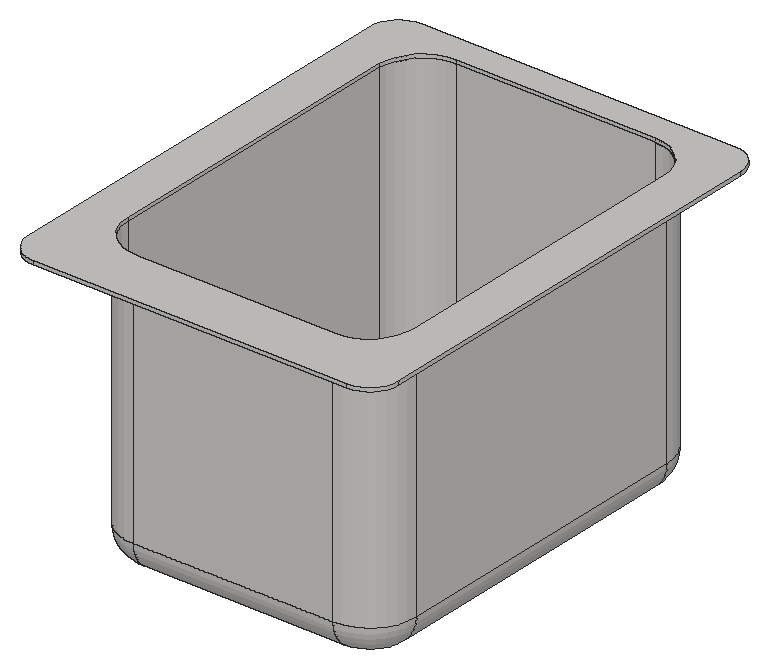
Revit family "QF_Vollrath_101-1-2", category Specialty Equipment, Revit 2016
Family settings
  Part Type = Normal
  Round Connector Dimension = Use Diameter
  OmniClass Number = 23.40.40.14.31
  OmniClass Title = Cleaning and Disposal Equipment
  Work Plane-Based = Yes
  Always vertical = Yes
  Cut with Voids When Loaded = No
  Shared = No
  Room Calculation Point = No
Parameters
  Width = 1' - 1"
  Weight in Pounds = 0
  Watermarked By = "http://revitwatermark.com"
  URL Cutsheet = ""
  Status [instance] = ""
  Specification by User [instance] = ""
  Specification by Manufacturer [instance] = ""
  Sink Width = 0' - 10"
  Sink Depth = 1' - 2"
  Sink Basin Depth = 0' - 10"
  Serial Number [instance] = ""
  Seismic Rating [instance] = ""
  SMACNA No [instance] = ""
  Revision Code [instance] = ""
  NAFEM Spec ID Number [instance] = ""
  Model = "101-1-2"
  Masterspec [instance] = ""
  Manufacturer = "Vollrath"
  Item Number [instance] = "-"
  Installed By [instance] = ""
  Indirect Waste Size = 2"
  Indirect Waste Flow [instance] = 0.00 GPM
  Indirect Waste Connection Type [instance] = ""
  Indirect Waste Connection Height [instance] = 0' - 0"
  Furnished By [instance] = ""
  Foodservice Equipment Identifier [instance] = yes
  Description = "Bar Sink"  # constant formula
  Depth = 1' - 5"
  Default Elevation = 4' - 0"
  CSI MasterFormat = ""
Reference planes (in)
  plane 1 "BACK": y = 0
  plane 2 "BOTTOM": z = 0
  plane 3 "LEFT": x = 0
  plane 4 "RIGHT": x = 13
  plane 5 "FRONT": y = -17
  plane 6: x = 6.5
  plane 7: y = -8
  plane 8: y = -1
  plane 9: y = -15
  plane 10: x = 1.5
  plane 11: x = 11.5
  plane 12 "Sink Bottom": z = -10
Forms (in)
  Sweep 1, solid, material "QF_Finishes_Stainless Steel"
    path origin (0, 0, 0) x (1, 0, 0) y (0, 1, 0)
      loop
        arc (3, -1) -> (1.93934, -1.43934) -> (1.5, -2.5) r 1.5
        line (1.5, -2.5) -> (1.5, -13.5)
        arc (1.5, -13.5) -> (1.93934, -14.56066) -> (3, -15) r 1.5
        line (3, -15) -> (10, -15)
        arc (10, -15) -> (11.06066, -14.56066) -> (11.5, -13.5) r 1.5
        line (11.5, -13.5) -> (11.5, -2.5)
        arc (11.5, -2.5) -> (11.06066, -1.43934) -> (10, -1) r 1.5
        line (10, -1) -> (3, -1)
    profile origin (6.5, -1, 0) x (0, 1, 0) y (0, 0, 1)
      loop
        line (0, 0) -> (0, -8.875)
        arc (0, -8.875) -> (-0.29289, -9.58211) -> (-1, -9.875) r 1
        line (-1, -9.875) -> (-1, -10)
        arc (-1, -10) -> (-0.2045, -9.6705) -> (0.125, -8.875) r 1.125
        line (0.125, -8.875) -> (0.125, 0) -> (0, 0)
  Extrusion 2, solid, material "QF_Finishes_Stainless Steel"
    sketch origin (0, 0, 0) x (1, 0, 0) y (0, 1, 0)
      loop
        arc (1.5, -13.5) -> (1.93934, -14.56066) -> (3, -15) r 1.5
        line (3, -15) -> (10, -15)
        arc (10, -15) -> (11.06066, -14.56066) -> (11.5, -13.5) r 1.5
        line (11.5, -13.5) -> (11.5, -2.5)
        arc (11.5, -2.5) -> (11.06066, -1.43934) -> (10, -1) r 1.5
        line (10, -1) -> (3, -1)
        arc (3, -1) -> (1.93934, -1.43934) -> (1.5, -2.5) r 1.5
        line (1.5, -2.5) -> (1.5, -13.5)
      loop
        line (1, -17) -> (12, -17)
        arc (12, -17) -> (12.70711, -16.70711) -> (13, -16) r 1
        line (13, -16) -> (13, -1)
        arc (13, -1) -> (12.70711, -0.29289) -> (12, 0) r 1
        line (12, 0) -> (1, 0)
        arc (1, 0) -> (0.29289, -0.29289) -> (0, -1) r 1
        line (0, -1) -> (0, -16)
        arc (0, -16) -> (0.29289, -16.70711) -> (1, -17) r 1
    from 0 to 0.125
  Extrusion 3, solid, material "QF_Finishes_Stainless Steel"
    sketch origin (0, 0, -10) x (-1, 0, 0) y (0, -1, 0)
      loop
        line (-10, 2) -> (-3, 2)
        arc (-3, 2) -> (-2.64645, 2.14645) -> (-2.5, 2.5) r 0.5
        line (-2.5, 2.5) -> (-2.5, 13.5)
        arc (-2.5, 13.5) -> (-2.64645, 13.85355) -> (-3, 14) r 0.5
        line (-3, 14) -> (-10, 14)
        arc (-10, 14) -> (-10.35355, 13.85355) -> (-10.5, 13.5) r 0.5
        line (-10.5, 13.5) -> (-10.5, 2.5)
        arc (-10.5, 2.5) -> (-10.35355, 2.14645) -> (-10, 2) r 0.5
      loop
        circle (-6.5, 8) r 1
    from 0 to 0.125
Lines and regions (in)
  symbolic lines
    curve 1: line (1, 0, -10) -> (12, 0, -10)
    curve 2: arc (1, 0, -10) -> (0.29289, -0.29289, -10) -> (0, -1, -10) r 1
    curve 3: line (0, -16, -10) -> (0, -1, -10)
    curve 4: arc (0, -16, -10) -> (0.29289, -16.70711, -10) -> (1, -17, -10) r 1
    curve 5: line (12, -17, -10) -> (1, -17, -10)
    curve 6: arc (12, -17, -10) -> (12.70711, -16.70711, -10) -> (13, -16, -10) r 1
    curve 7: line (13, -1, -10) -> (13, -16, -10)
    curve 8: arc (13, -1, -10) -> (12.70711, -0.29289, -10) -> (12, 0, -10) r 1
  symbolic lines, style "QF_Surface Details"
    curve 9: line (10, -1, -10) -> (3, -1, -10)
    curve 10: arc (1.5, -2.5, -10) -> (1.93934, -1.43934, -10) -> (3, -1, -10) r 1.5
    curve 11: line (1.5, -2.5, -10) -> (1.5, -13.5, -10)
    curve 12: arc (3, -15, -10) -> (1.93934, -14.56066, -10) -> (1.5, -13.5, -10) r 1.5
    curve 13: line (3, -15, -10) -> (10, -15, -10)
    curve 14: arc (11.5, -13.5, -10) -> (11.06066, -14.56066, -10) -> (10, -15, -10) r 1.5
    curve 15: line (11.5, -13.5, -10) -> (11.5, -2.5, -10)
    curve 16: arc (10, -1, -10) -> (11.06066, -1.43934, -10) -> (11.5, -2.5, -10) r 1.5
    curve 17: circle (6.5, -8, -10) r 1 normal (0, 0, -1)
Dimensions and locks (in)
  "Width": plane 3 "LEFT" to plane 4 "RIGHT"
  "Depth": plane 5 "FRONT" to plane 1 "BACK"
  "Sink Depth": plane 8 to plane 9
  equal spacing: plane 3 "LEFT", plane 6, plane 4 "RIGHT"
  equal spacing: plane 10, plane 6, plane 11
  "Sink Width": plane 10 to plane 11
  "Sink Basin Depth": level to plane 12 "Sink Bottom"
  level to Sweep 1 sketch curve = 0' - 0"
  locked: Sweep 1 sketch curve to plane 8 at 0.125
  locked: plane 12 "Sink Bottom" to Sweep 1 sketch curve at 0.125
  equal spacing: plane 8, plane 7, plane 9
  plane 1 "BACK" to plane 8 = 0' - 1"
  plane 9 to plane 5 "FRONT" = 0' - 2"
  plane 3 "LEFT" to plane 10 = 0' - 1 1/2"
  plane 11 to plane 4 "RIGHT" = 0' - 1 1/2"
  aligned and locked: level to plane 2 "BOTTOM"
  aligned and locked: Sweep 1 sketch curve to plane 8
  aligned and locked: plane 10 to Sweep 1 sketch curve
  aligned and locked: plane 9 to Sweep 1 sketch curve
  aligned and locked: Sweep 1 sketch curve to plane 11
  aligned and locked: plane 8 to Sweep 1 sketch curve
  aligned and locked: plane 12 "Sink Bottom" to Sweep 1 sketch curve
  aligned and locked: Extrusion 2 sketch curve to Sweep 1  (x4)
  aligned and locked: Extrusion 2 sketch curve to plane 3 "LEFT"
  aligned and locked: plane 5 "FRONT" to Extrusion 2 sketch curve
  aligned and locked: plane 4 "RIGHT" to Extrusion 2 sketch curve
  aligned and locked: Extrusion 2 sketch curve to plane 1 "BACK"
  aligned and locked: Extrusion 3 sketch curve to Sweep 1  (x4)
Automatic sketch dimensions
  plane 10 to Sweep 1 sketch curve = 0' - 1 1/2"  (x2)
  Sweep 1 sketch curve to plane 11 = 0' - 1 1/2"
  Sweep 1 sketch curve to plane 8 = 0' - 1 1/2"
  Sweep 1 sketch curve to Sweep 1 sketch curve = 0' - 1"
  Extrusion 3 sketch curve to plane 6 = 0' - 0"
  Extrusion 3 sketch curve to plane 7 = 0' - 0"
  Extrusion 3 sketch curve to Extrusion 3 sketch curve = 0' - 0 1/2"  (x4)
  Extrusion 2 sketch curve to plane 8 = 0' - 0"  (x2)
  Extrusion 2 sketch curve to plane 10 = 0' - 0 1/2"
  plane 10 to Extrusion 2 sketch curve = 0' - 1 1/2"
  Extrusion 2 sketch curve to plane 8 = 0' - 1 1/2"
  Extrusion 2 sketch curve to plane 11 = 0' - 1 1/2"
  Extrusion 2 sketch curve to Extrusion 2 sketch curve = 0' - 1 1/2"
  plane 11 to Extrusion 2 sketch curve = 0' - 0 1/2"
  curve 7 to plane 4 "RIGHT" = 0' - 0"
  curve 8 to plane 8 = 0' - 0"
  plane 1 "BACK" to curve 1 = 0' - 0"
  plane 5 "FRONT" to curve 5 = 0' - 0"
  curve 15 to plane 11 = 0' - 0"
  curve 16 to plane 8 = 0' - 0"
  curve 13 to plane 9 = 0' - 0"
  curve 17 to plane 6 = 0' - 0"
  curve 10 to plane 10 = 0' - 0"
  curve 2 to plane 8 = 0' - 0"
  curve 3 to plane 3 "LEFT" = 0' - 0"
  curve 17 to plane 7 = 0' - 0"
  plane 11 to curve 5 = 0' - 0 1/2"
  plane 9 to curve 14 = 0' - 1 1/2"
  curve 16 to plane 8 = 0' - 1 1/2"
  plane 10 to curve 9 = 0' - 1 1/2"
  plane 10 to curve 12 = 0' - 1 1/2"
  curve 5 to plane 10 = 0' - 0 1/2"
  radius of Extrusion 3 sketch curve = 0' - 1"
  radius of curve 17 = 0' - 1"
Connectors (in)
  piping at (6.5, -8, -10), diameter 2, driven by "Indirect Waste Flow"
    settings: on Extrusion 3, index 1, connector inside diameter 2", connector length 0' - 0", flow factor 0, pipe flow 0.00 GPM, pressure drop 0.00 psi, fitting loss kfactor 0, connector angle 0.00°, fixture units 0, engagement length 0' - 0", angle of deflection 0.00°, flow configuration 1, flow direction 2, fitting loss method 0, system type 16, joint type 0, gender type 0, connector reference index -1, connector utility 0, adjustable connector no, is connector primary yes, connector description "IW"
